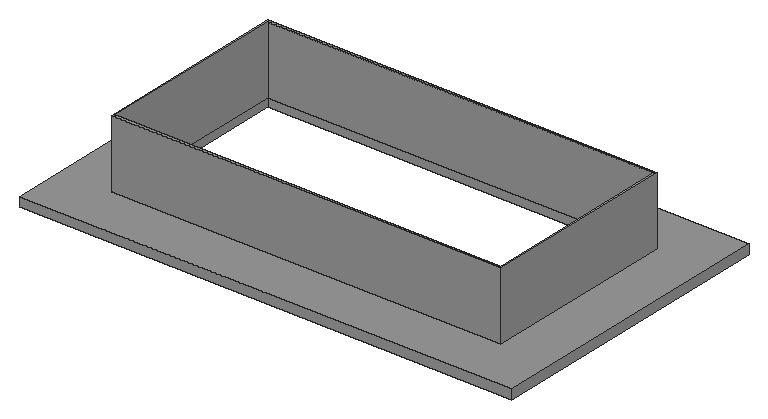
Revit family "Air Terminal_22", category Air Terminals, Revit 2018
Family settings
  Round Connector Dimension = Use Diameter
  Part Type = Normal
  Work Plane-Based = No
  Always vertical = Yes
  Cut with Voids When Loaded = No
  Shared = No
  Room Calculation Point = Yes
Parameters (values of type "PTR - TLAK")
  Udaljenost Skice = Duct Height / 2 / 3  # 16.667 mm
  TP_Visina prikljucka = 125 mm
  TP_Sirina prikljucka = 225 mm
  TP_Efektivna povrsina = 1.00 m²
  Sirina lopatice = 1 mm
  Panel Thickness = 5 mm  # constant formula
  Model = ""
  Manufacturer = ""
  Length 1 = 12.5 mm
  Keynote = ""
  Grille Material [instance] = Aluminum 6061
  Duct Width = TP_Sirina prikljucka - 25 mm  # 200 mm
  Duct Height = TP_Visina prikljucka - 25 mm  # 100 mm
  Duct Diameter = 250 mm
  Grille Width = Duct Height + 52 mm  # 152 mm
  Grille Length = Duct Width + 52 mm  # 252 mm
  Grille Height = 40 mm
  Diffuser Width = 0 mm
  Description = ""
  Cost = 1
  Broj resetki = Duct Height / Length 1 - 1  # 7
Reference planes
  plane 1 "Center (Front/Back)": y = 0
  plane 2: z = 0
  plane 3 "Center (Left/Right)": x = 0
  plane 4: z = 35
  plane 5: z = -5
  plane 6: x = -100
  plane 7: x = 100
  plane 8: y = 50
  plane 9: y = -50
  plane 10: z = 152.4
  plane 11: x = 126
  plane 12: x = -126
  plane 13: y = 76
  plane 14: y = -76
  plane 15: z = 4.862
  plane 16: y = -37.5
  plane 17: y = -25
Forms (mm)
  Extrusion 1, solid, material "Aluminum 6061" <- "Grille Material", detail levels medium+fine
    sketch origin (100, -4572, 2609.058) x (0, 0, 1) y (0, -1, 0)
      loop
        line (-2574.058, -4622) -> (-2574.058, -4522) -> (-2609.058, -4522) -> (-2609.058, -4622) -> (-2574.058, -4622)
    from -200 to 0
  Extrusion 2, solid, material "Aluminum 6061" <- "Grille Material", detail levels medium+fine
    sketch origin (100, -4572, 2609.058) x (0, 0, 1) y (0, -1, 0)
      loop
        line (-2609.058, -4648) -> (-2609.058, -4496) -> (-2614.058, -4496) -> (-2614.058, -4648) -> (-2609.058, -4648)
    from -226 to 26
  Extrusion 3, void
    sketch origin (0, 0, 0) x (1, 0, 0) y (0, 1, 0)
      loop
        line (-100, 50) -> (-100, -50) -> (100, -50) -> (100, 50) -> (-100, 50)
    from 0 to -5
  Extrusion 4, void
    sketch origin (0, 0, 0) x (1, 0, 0) y (0, 1, 0)
      loop
        line (-99, -49) -> (99, -49) -> (99, 49) -> (-99, 49) -> (-99, -49)
    from 0 to 40 <- "Grille Height"
Cuts and joins
  Extrusion 3, Extrusion 4 cuts Extrusion 1
  Extrusion 3, Extrusion 4 cuts Extrusion 2
  joined: Extrusion 1, Extrusion 2
Lines and regions (mm)
  model lines, detail levels coarse
    curve 1: line (-100, 50, -5) -> (100, 50, -5)
    curve 2: line (-100, -50, -5) -> (-100, 50, -5)
    curve 3: line (100, -50, -5) -> (-100, -50, -5)
    curve 4: line (100, 50, -5) -> (100, -50, -5)
  model lines, style "Pomocne linije", not visible
    curve 5: line (-100, 33.333, -5) -> (100, 33.333, -5)
    curve 6: line (100, 16.667, -5) -> (-100, 16.667, -5)
    curve 7: line (-100, -16.667, -5) -> (100, -16.667, -5)
    curve 8: line (100, -33.333, -5) -> (-100, -33.333, -5)
    curve 9: line (-100, 0, -5) -> (100, 0, -5)
Dimensions and locks
  equal spacing: plane 8, plane 1 "Center (Front/Back)", plane 9
  "Duct Height": plane 8 to plane 9
  equal spacing: plane 6, plane 3 "Center (Left/Right)", plane 7
  "Duct Width": plane 6 to plane 7
  equal spacing: plane 13, plane 1 "Center (Front/Back)", plane 14
  "Grille Width": plane 13 to plane 14
  "Panel Thickness": plane 2 to plane 5
  "Grille Height": plane 4 to plane 5
  plane 10 to plane 2 = 152.4 mm
  equal spacing: plane 12, plane 3 "Center (Left/Right)", plane 11
  "Grille Length": plane 12 to plane 11
  "Length 1": plane 16 to plane 9
  "Length 1": plane 17 to plane 16
  "Udaljenost Skice": plane 1 "Center (Front/Back)" to curve 6
  "Udaljenost Skice": curve 5 to curve 6
  "Udaljenost Skice": curve 7 to plane 1 "Center (Front/Back)"
  "Udaljenost Skice": curve 8 to curve 7
  aligned and locked: plane 2 to level
  aligned and locked: Extrusion 1 to plane 6
  aligned and locked: plane 7 to Extrusion 1
  aligned and locked: plane 8 to Extrusion 1 sketch curve
  aligned and locked: Extrusion 1 sketch curve to plane 4
  aligned and locked: Extrusion 1 sketch curve to plane 9
  aligned and locked: Extrusion 1 sketch curve to plane 2
  aligned and locked: Extrusion 2 sketch curve to plane 2
  aligned and locked: Extrusion 2 sketch curve to plane 13
  aligned and locked: Extrusion 2 sketch curve to plane 14
  aligned and locked: plane 5 to Extrusion 2 sketch curve
  aligned and locked: Extrusion 2 to plane 12
  aligned and locked: plane 11 to Extrusion 2
  aligned and locked: curve 1 to plane 8
  aligned and locked: curve 3 to plane 9
  aligned and locked: plane 1 "Center (Front/Back)" to curve 9
Automatic sketch dimensions
  Extrusion 3 sketch curve to plane 6 = 0 mm
  Extrusion 3 sketch curve to plane 7 = 0 mm
  plane 9 to Extrusion 3 sketch curve = 0 mm
  Extrusion 3 sketch curve to plane 8 = 0 mm
  plane 6 to Extrusion 4 sketch curve = 1 mm
  Extrusion 4 sketch curve to plane 7 = 1 mm
  Extrusion 4 sketch curve to plane 9 = 1 mm
  Extrusion 4 sketch curve to plane 8 = 1 mm
  curve 5 to plane 7 = 0 mm
  curve 5 to plane 6 = 0 mm
Connectors
  hvac at (0, 0, 0), driven by "TP_Sirina prikljucka", driven by "TP_Visina prikljucka"
    settings: on cut or joined group of Extrusion 1, Extrusion 2, Extrusion 3, Extrusion 4, index 1, duct flow 0.0 m³/h, flow factor 0, pres drop 5.0 Pa, loss coef 0, conn angle 0.00°, conn width 225 mm, conn height 125 mm, conn diameter 609.6 mm, duct sys type 1, conn prof type 1, flow config 1, flow direction 1, loss method 4, conn ref index -1, conn util no, is conn primary yes, conn desc ""
